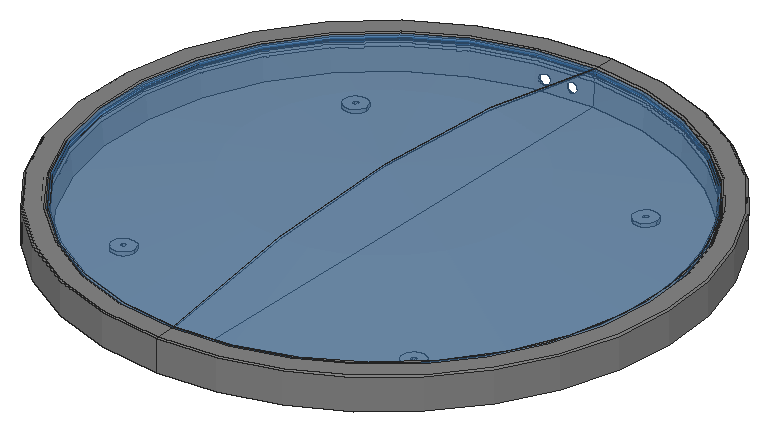
Revit family "BE_24125_de_DE", category Leuchten, Revit 2020
Family settings
  Basisbauteil = Fläche
  Bemaßung runder Anschluss = Durchmesser verwenden
  Teiletyp = Normal
  Beim Laden mit Abzugskörper schneiden = Ja
  Lichtquelle = Ja
  Gemeinsam genutzt = Nein
  Raumberechnungspunkt = Ja
Parameters (values of type "BEGA_24125_Grafit_K3")
  built-in parameter 1150104 = 15.134 (stored number, unit not read)
  Wattage = 192.8 W
  Default Elevation = 0 mm
  built-in parameter 1150113 = 1 (stored number, unit not read)
  built-in parameter 1114218 = 1 (stored number, unit not read)
  Umgebungstemperatur = "25 °C"
  URL = "https://www.bega.com/de/produkt/24125"
  Typenkommentare = "© 2022 BEGA. Wir behalten uns das Recht vor, technische Änderungen ohne vorherige Ankündigung vorzunehmen."  # constant formula
  Type Image = 24125.png
  built-in parameter 1150134 = (empty or 0)
  built-in parameter 1150109 = 1 (stored number, unit not read)
  Strom = ""
  built-in parameter 1150110 = 1 (stored number, unit not read)
  Spannung = 239.996 V
  Sonderanfertigung = no
  Seriennummer [instance] = "Hier können Sie die eindeutige Seriennummer für das Facility Management eintragen."
  Schutzklasse = "I"
  Schutzart = "IP 65"
  Scheinlast = 0 VA
  Produktdatenblatt = "https://cdn.bega.com/bega/products/24125WK3/current/documents/data-sheets/de"
  Neigungswinkel = 0.00°
  Modell = "24125K3"
  Material_17 = BEGA_Reflektor
  Material_15 = BEGA_Leuchtmedium_matt
  Material_13 = BEGA_Kunststoff_matt
  Material_11 = BEGA_Glas_opal
  Material_09 = BEGA_Glas_klar
  Material_06 = BEGA_Oberfläche_Edelstahl_gebürstet
  Material_03 = BEGA_Oberfläche_Weiss_matt
  Material_02 = BEGA_Oberfläche_Silber_matt
  Material_01 [instance] = BEGA_Oberfläche_Grafit_matt
  M_W = no
  M_G = yes
  M_A = no
  Logo = 0
  built-in parameter 1114217 = 1 (stored number, unit not read)
  built-in parameter 1150139 = (empty or 0)
  built-in parameter 1150105 = 2499.3 (stored number, unit not read)
  built-in parameter 1150114 = 1 (stored number, unit not read)
  Lumens = 31407.1 lm
  built-in parameter 1150115 = 1 (stored number, unit not read)
  Leuchtenlichtstrom = "26223 lm"
  Leuchtenanzahl = ""
  Lebensdauerkriterien = "L70B50 @ 25 °C = 165000 h"
  Lastklassifizierung = Beleuchtung
  built-in parameter 1150112 = 1 (stored number, unit not read)
  Lampenlichtstrom = "31400 lm"
  Lampe = "LED 192.8 W"
  LED_Modulbezeichnung = "2x LED-0990/830 + 2x LED-0991/830 +         2x LED-0992/830 + 2x LED-1027/830"
  Hersteller = "BEGA"  # constant formula
  Halbstreuwinkel = ""
  Frequenz = "0/50-60 Hz"
  Farbwiedergabeindex = "CRI > 80"
  Farbtemperaturverschiebung bei Dämpfen der Lampe = <Keine Auswahl>
  Farbtemperatur = "3000 K"
  Color Filter = 16777215
  built-in parameter 1150133 = 10 (stored number, unit not read)
  Energieeffizienzklasse = "LED A++ - A"
  built-in parameter 1150137 = (empty or 0)
  built-in parameter 1150132 = (empty or 0)
  Dimmbar [instance] = "DALI"
  Datei für fotometrisches Netz = "BE_24125K3.IES"
  CE_Konformität = "ja"
  Bestellnummer = "24125K3"
  Beschreibung_Sonderanfertigung = "Hier können Sie Informationen zur Sonderanfertigung eintragen."
  Beschreibung = "Decken- und Wandleuchte"
  built-in parameter 1150106 = 24.993 (stored number, unit not read)
  Befestigungsbohrung = "Ø 9,2 mm"
  Befestigungsabstand = "636 x 636 mm"
  BEGA_Intern_aus = yes
  BEGA_Intern_an = yes
  BEGA_Intern_Konstruktion = yes
  BEGA_Intern = yes
  BEGA_IES = yes
  BEGA_Dummy = no
  Anschlussleistung [instance] = "216 W"
  Anschlusskasten = ""
  built-in parameter 1150107 = 3000 (stored number, unit not read)
  built-in parameter 1150102 = (empty or 0)
  built-in parameter 1150138 = (empty or 0)
  Aktualisierung = "2022-05-18T04:00:07"
  AC/DC = "AC/DC"
Types (6, lengths in mm): name | built-in parameter 1150104 | built-in parameter 1150134 | Modell | M_W | M_G | M_A | built-in parameter 1150105 | Lumens | Leuchtenlichtstrom | Lampenlichtstrom | LED_Modulbezeichnung | Farbtemperatur | Datei für fotometrisches Netz | Bestellnummer | built-in parameter 1150106 | built-in parameter 1150107
  BEGA_24125_Silber_K3 | 15.134 (stored number, unit not read) | (empty or 0) | "24125AK3" | no | no | yes | 2499.3 (stored number, unit not read) | 31407.1 lm | "26223 lm" | "31400 lm" | "2x LED-0990/830 + 2x LED-0991/830 +         2x LED-0992/830 + 2x LED-1027/830" | "3000 K" | "BE_24125K3.IES" | "24125AK3" | 24.993 (stored number, unit not read) | 3000 (stored number, unit not read)
  BEGA_24125_Silber_K4 | 15.914 (stored number, unit not read) | 12 | "24125AK4" | no | no | yes | 2628.2 (stored number, unit not read) | 33026.6 lm | "27575 lm" | "33020 lm" | "2x LED-0990/840 + 2x LED-0991/840 +          2x LED-0992/840 + 2x LED-1027/840" | "4000 K" | "BE_24125K4.IES" | "24125AK4" | 26.282 (stored number, unit not read) | 4000 (stored number, unit not read)
  BEGA_24125_Weiß_K3 | 15.134 (stored number, unit not read) | (empty or 0) | "24125WK3" | yes | no | no | 2499.3 (stored number, unit not read) | 31407.1 lm | "26223 lm" | "31400 lm" | "2x LED-0990/830 + 2x LED-0991/830 +         2x LED-0992/830 + 2x LED-1027/830" | "3000 K" | "BE_24125K3.IES" | "24125WK3" | 24.993 (stored number, unit not read) | 3000 (stored number, unit not read)
  BEGA_24125_Weiß_K4 | 15.914 (stored number, unit not read) | 12 | "24125WK4" | yes | no | no | 2628.2 (stored number, unit not read) | 33026.6 lm | "27575 lm" | "33020 lm" | "2x LED-0990/840 + 2x LED-0991/840 +          2x LED-0992/840 + 2x LED-1027/840" | "4000 K" | "BE_24125K4.IES" | "24125WK4" | 26.282 (stored number, unit not read) | 4000 (stored number, unit not read)
  BEGA_24125_Grafit_K3 | 15.134 (stored number, unit not read) | (empty or 0) | "24125K3" | no | yes | no | 2499.3 (stored number, unit not read) | 31407.1 lm | "26223 lm" | "31400 lm" | "2x LED-0990/830 + 2x LED-0991/830 +         2x LED-0992/830 + 2x LED-1027/830" | "3000 K" | "BE_24125K3.IES" | "24125K3" | 24.993 (stored number, unit not read) | 3000 (stored number, unit not read)
  BEGA_24125_Grafit_K4 | 15.914 (stored number, unit not read) | 12 | "24125K4" | no | yes | no | 2628.2 (stored number, unit not read) | 33026.6 lm | "27575 lm" | "33020 lm" | "2x LED-0990/840 + 2x LED-0991/840 +          2x LED-0992/840 + 2x LED-1027/840" | "4000 K" | "BE_24125K4.IES" | "24125K4" | 26.282 (stored number, unit not read) | 4000 (stored number, unit not read)
Reference planes
  plane 1 "Mitte (Vorne/Hinten)": y = 0
  plane 2: z = 0
  plane 3 "Mitte (Links/Rechts)": x = 0
  plane 4 "Links": x = -312.5
  plane 5 "Rechts": x = 312.5
  plane 6 "Unten": y = -312.5
  plane 7 "Oben": y = 312.5
  plane 8 "Vorne": z = 71.135
  plane 9 "Hinten": z = 0
Forms (mm)
  Extrusion 1, solid, material "BEGA_Platte_Weiss"
    sketch origin (0, -1119.2, 0) x (1, 0, 0) y (0, 1, 0)
      loop
        line (-200, 1319.2) -> (-200, 919.2) -> (200, 919.2) -> (200, 1319.2) -> (-200, 1319.2)
    from 0 to -10
  Extrusion 2, solid, material "BEGA_Dummy_matt", visible <- "BEGA_Dummy"
    sketch origin (77.149, -76.023, 0) x (1, 0, 0) y (0, 1, 0)
      loop
        circle (-77.149, 76.023) r 312.5
    from 0 to 71.135
Dimensions and locks
  plane 1 "Mitte (Vorne/Hinten)" to Extrusion 1 = 200 mm
  aligned and locked: plane 2 to Extrusion 1
  aligned and locked: level to Extrusion 1
  aligned and locked: nested 1 to imposter light
  aligned and locked: Extrusion 2 to nested 1
Nested families
  nested 1: "BE_24125" at (0, 0, 0), type "BE_24125"
Connectors
  electrical at (0, 0, 0), driven by "Lastklassifizierung", driven by "Spannung", driven by "Scheinlast"
    settings: index 1, voltage 239.996 V, apparent load 0 VA, apparent load phase1 0 VA, apparent load phase2 0 VA, apparent load phase3 0 VA, power factor 1, load classification "Beleuchtung", number of poles 1, system type 31, power factor state 1, is connector primary yes, connector utility no, sub classification motor no, connector description ""
Definition of nested family "BE_24125"
  Parameters (values of type "BE_24125")
    Default Elevation = 1 mm
    URL = "http://www.bega.de/de/produkt"
    Type Comments = "© 2015 BEGA. Wir behalten uns das Recht vor, technische Änderungen ohne vorherige Ankündigung vorzunehmen. "  # constant formula
    Type Image = (empty or 0)
    Neigungswinkel_um_Z2 = 0.00°
    Neigungswinkel_um_Z1 = 0.00°
    Neigungswinkel_um_Y2 = 0.00°
    Neigungswinkel_um_Y1 = 0.00°
    Neigungswinkel_um_X2 = 0.00°
    Neigungswinkel_um_X1 = 0.00°
    Material_17 = none
    Material_15 = none
    Material_13 = none
    Material_11 = none
    Material_09 = none
    Material_06 = none
    Material_03 = none
    Material_02 = none
    Material_01 = none
    M_W = yes
    M_G = yes
    M_A = yes
    Länge_Platte = 200 mm  # constant formula
    Höhe_Platte = -10 mm  # constant formula
    Manufacturer = "BEGA"  # constant formula
    Drehwinkel_um_Z2 = 0.00°
    Drehwinkel_um_Z1 = 0.00°
    Breite_Platte = 200 mm  # constant formula
  Reference planes
    plane 1 "Mitte (Oben/Unten)": y = 0
    plane 2: z = 0
    plane 3 "Mitte (Links/Rechts)": x = 0
    plane 4 "Vorne": z = 71.135
    plane 5 "Hinten": z = -100
    plane 6: x = 312.5
    plane 7: x = -312.5
    plane 8: y = -312.5
    plane 9: y = 312.5
  Forms (mm)
    Extrusion 1, solid, detail levels medium
      sketch origin (0, 0, 0) x (1, 0, 0) y (0, 1, 0)
        loop
          line (-100, 100) -> (-100, -100) -> (100, -100) -> (100, 100) -> (-100, 100)
      from 0 to -10 <- "Höhe_Platte"
    Revolve 2, solid, material <- "Material_01", visible <- "M_G"
      sketch origin (0, 0, 0) x (0, 1, 0) y (0, 0, 1)
        loop
          line (302.5, 28.5) -> (289.331, 28.5)
          arc (289.331, 28.5) -> (287.947, 27.944) -> (287.332, 26.585) r 2
          line (287.332, 26.585) -> (285.269, 3) -> (0, 3) -> (0, 1.5) -> (284.812, 1.5)
          arc (284.812, 1.5) -> (286.16, 2.023) -> (286.803, 3.316) r 1.999
          line (286.803, 3.316) -> (288.874, 27) -> (302.5, 27) -> (302.5, 28.5)
        axis (0, 28.5) -> (0, 1.5)
      angle from 0 to 360
    Revolve 3, solid, material <- "Material_13"
      sketch origin (0, 0, 0) x (0, 1, 0) y (0, 0, 1)
        loop
          line (0, 71.134) -> (0, 69.133)
          arc (0, 69.133) -> (144.365, 61.217) -> (287, 37.567) r 1320.497
          line (287, 37.567) -> (287, 33.631)
          arc (287, 33.631) -> (287.706, 31.89) -> (289.425, 31.133) r 2.5
          line (289.425, 31.133) -> (295, 31.133) -> (295, 33.133) -> (289.5, 33.133)
          arc (289.5, 33.133) -> (289.147, 33.279) -> (289.001, 33.632) r 0.5
          line (289.001, 33.632) -> (289.001, 39.17)
          arc (289.001, 39.17) -> (145.381, 63.118) -> (0, 71.134) r 1322.503
        axis (0, 31.133) -> (0, 71.134)
      angle from 0 to 360
    Revolve 4, solid, material <- "Material_01", visible <- "M_G"
      sketch origin (0, 0, 0) x (0, 1, 0) y (0, 0, 1)
        loop
          line (-290.5, 37.5) -> (-292, 39) -> (-310.75, 39) -> (-312.5, 37.25) -> (-312.5, 4) -> (-311, 4) -> (-311, 37.5) -> (-292, 37.5) -> (-292, 34.25) -> (-290.5, 34.25) -> (-290.5, 37.5)
        axis (0, 4) -> (0, 39)
      angle from 0 to 360
    Extrusion 5, solid, material <- "Material_01", visible <- "M_G"
      sketch origin (0, 0, 0) x (1, 0, 0) y (0, 1, 0)
        loop
          circle (159.099, 159.099) r 12.036
        loop
          circle (-159.099, 159.099) r 12.036
        loop
          circle (-159.099, -159.099) r 12.036
        loop
          circle (159.099, -159.099) r 12.036
      from 0 to 6.211
    Revolve 6, solid, material <- "Material_02", visible <- "M_A"
      sketch origin (0, 0, 0) x (0, 1, 0) y (0, 0, 1)
        loop
          line (302.5, 28.5) -> (289.331, 28.5)
          arc (289.331, 28.5) -> (287.947, 27.944) -> (287.332, 26.585) r 2
          line (287.332, 26.585) -> (285.269, 3) -> (0, 3) -> (0, 1.5) -> (284.812, 1.5)
          arc (284.812, 1.5) -> (286.16, 2.023) -> (286.803, 3.316) r 1.999
          line (286.803, 3.316) -> (288.874, 27) -> (302.5, 27) -> (302.5, 28.5)
        axis (0, 28.5) -> (0, 1.5)
      angle from 0 to 360
    Revolve 7, solid, material <- "Material_02", visible <- "M_A"
      sketch origin (0, 0, 0) x (0, 1, 0) y (0, 0, 1)
        loop
          line (-290.5, 37.5) -> (-292, 39) -> (-310.75, 39) -> (-312.5, 37.25) -> (-312.5, 4) -> (-311, 4) -> (-311, 37.5) -> (-292, 37.5) -> (-292, 34.25) -> (-290.5, 34.25) -> (-290.5, 37.5)
        axis (0, 4) -> (0, 39)
      angle from 0 to 360
    Extrusion 8, solid, material <- "Material_02", visible <- "M_A"
      sketch origin (0, 0, 0) x (1, 0, 0) y (0, 1, 0)
        loop
          circle (159.099, 159.099) r 12.036
        loop
          circle (-159.099, 159.099) r 12.036
        loop
          circle (-159.099, -159.099) r 12.036
        loop
          circle (159.099, -159.099) r 12.036
      from 0 to 6.211
    Revolve 9, solid, material <- "Material_03", visible <- "M_W"
      sketch origin (0, 0, 0) x (0, 1, 0) y (0, 0, 1)
        loop
          line (302.5, 28.5) -> (289.331, 28.5)
          arc (289.331, 28.5) -> (287.947, 27.944) -> (287.332, 26.585) r 2
          line (287.332, 26.585) -> (285.269, 3) -> (0, 3) -> (0, 1.5) -> (284.812, 1.5)
          arc (284.812, 1.5) -> (286.16, 2.023) -> (286.803, 3.316) r 1.999
          line (286.803, 3.316) -> (288.874, 27) -> (302.5, 27) -> (302.5, 28.5)
        axis (0, 28.5) -> (0, 1.5)
      angle from 0 to 360
    Revolve 10, solid, material <- "Material_03", visible <- "M_W"
      sketch origin (0, 0, 0) x (0, 1, 0) y (0, 0, 1)
        loop
          line (-290.5, 37.5) -> (-292, 39) -> (-310.75, 39) -> (-312.5, 37.25) -> (-312.5, 4) -> (-311, 4) -> (-311, 37.5) -> (-292, 37.5) -> (-292, 34.25) -> (-290.5, 34.25) -> (-290.5, 37.5)
        axis (0, 4) -> (0, 39)
      angle from 0 to 360
    Extrusion 11, solid, material <- "Material_03", visible <- "M_W"
      sketch origin (0, 0, 0) x (1, 0, 0) y (0, 1, 0)
        loop
          circle (159.099, 159.099) r 12.036
        loop
          circle (-159.099, 159.099) r 12.036
        loop
          circle (-159.099, -159.099) r 12.036
        loop
          circle (159.099, -159.099) r 12.036
      from 0 to 6.211
    Extrusion 12, void
      sketch origin (0, 0, 0) x (1, 0, 0) y (0, 1, 0)
        loop
          circle (-159.099, 159.099) r 2.3
        loop
          circle (-159.099, -159.099) r 2.3
        loop
          circle (159.099, 159.099) r 2.3
        loop
          circle (159.099, -159.099) r 2.3
      from 0 to 11.5
    Extrusion 13, void
      sketch origin (-0.007, -0.055, 0) x (-0.99174, -0.128263, 0) y (0, 0, 1)
        loop
          circle (13.261, 13.771) r 5.742
        loop
          circle (-13.911, 13.679) r 5.691
      from 271.902 to 316.432
  Cuts and joins
    Extrusion 12, Extrusion 13 cuts Revolve 2
    Extrusion 12 cuts Extrusion 5
    joined: Revolve 2, Extrusion 5
    Extrusion 12, Extrusion 13 cuts Revolve 6
    Extrusion 12 cuts Extrusion 8
    joined: Revolve 6, Extrusion 8
    Extrusion 12, Extrusion 13 cuts Revolve 9
    Extrusion 12 cuts Extrusion 11
    joined: Revolve 9, Extrusion 11
    Extrusion 12 cuts Revolve 3
  Dimensions and locks
    equal spacing: Extrusion 1 sketch curve, plane 3 "Mitte (Links/Rechts)", Extrusion 1 sketch curve
    equal spacing: Extrusion 1 sketch curve, plane 1 "Mitte (Oben/Unten)", Extrusion 1 sketch curve
    "Länge_Platte": Extrusion 1 sketch curve to Extrusion 1 sketch curve
    "Breite_Platte": Extrusion 1 sketch curve to Extrusion 1 sketch curve
    aligned and locked: plane 2 to Extrusion 1
    aligned and locked: level to Extrusion 1
  Automatic sketch dimensions
    Revolve 2 sketch curve to plane 1 "Mitte (Oben/Unten)" = 0 mm  (x2)
    level to Revolve 2 sketch curve = 1.5 mm
    Revolve 2 sketch curve to Revolve 2 sketch curve = 0.457 mm
    level to Revolve 2 sketch curve = 3.316 mm
    Revolve 2 sketch curve to Revolve 2 sketch curve = 1.534 mm
    level to Revolve 2 sketch curve = 26.585 mm
    Revolve 2 sketch curve to Revolve 2 sketch curve = 2.52 mm
    level to Revolve 2 sketch curve = 27 mm
    Revolve 2 sketch curve to Revolve 2 sketch curve = 1.542 mm
    Revolve 2 sketch curve to Revolve 2 sketch curve = 0.456 mm
    Revolve 2 sketch curve to Revolve 2 sketch curve = 13.169 mm
    Revolve 2 sketch curve to Revolve 2 sketch curve = 0.5 mm  (x2)
    Revolve 2 sketch curve to Revolve 2 sketch curve = 12.966 mm
    Revolve 2 sketch curve to Revolve 2 sketch curve = 5 mm
    Revolve 3 sketch curve to plane 1 "Mitte (Oben/Unten)" = 0 mm  (x3)
    plane 1 "Mitte (Oben/Unten)" to Revolve 3 sketch curve = 0.004 mm
    level to Revolve 3 sketch curve = 33.631 mm
    Revolve 3 sketch curve to Revolve 3 sketch curve = 2.001 mm
    Revolve 3 sketch curve to Revolve 3 sketch curve = 0.425 mm
    Revolve 3 sketch curve to Revolve 3 sketch curve = 0.499 mm
    Revolve 3 sketch curve to Revolve 3 sketch curve = 0 mm
    Revolve 3 sketch curve to Revolve 3 sketch curve = 5.5 mm
    Revolve 3 sketch curve to plane 5 "Hinten" = 1151.365 mm
    Revolve 3 sketch curve to Revolve 3 sketch curve = 0.004 mm
    Revolve 3 sketch curve to Revolve 3 sketch curve = 2 mm
    Revolve 3 sketch curve to Revolve 3 sketch curve = 3.935 mm
    Revolve 3 sketch curve to Revolve 3 sketch curve = 1.603 mm
    Revolve 3 sketch curve to Revolve 3 sketch curve = 14.138 mm
    Revolve 3 sketch curve to Revolve 3 sketch curve = 23.453 mm
    Revolve 4 sketch curve to plane 1 "Mitte (Oben/Unten)" = 0 mm
    level to Revolve 4 sketch curve = 34.25 mm
    Revolve 4 sketch curve to Revolve 4 sketch curve = 1.5 mm  (x3)
    Revolve 4 sketch curve to Revolve 4 sketch curve = 0 mm  (x2)
    Revolve 4 sketch curve to Revolve 4 sketch curve = 18.75 mm
    Revolve 4 sketch curve to Revolve 4 sketch curve = 0.25 mm  (x2)
    level to Revolve 4 sketch curve = 4 mm
    Revolve 4 sketch curve to Revolve 4 sketch curve = 3 mm
    level to Revolve 4 sketch curve = 55 mm
    Revolve 4 sketch curve to Revolve 4 sketch curve = 30 mm
    Revolve 6 sketch curve to plane 1 "Mitte (Oben/Unten)" = 0 mm  (x2)
    level to Revolve 6 sketch curve = 1.5 mm
    Revolve 6 sketch curve to Revolve 6 sketch curve = 0.457 mm
    level to Revolve 6 sketch curve = 3.316 mm
    Revolve 6 sketch curve to Revolve 6 sketch curve = 1.534 mm
    level to Revolve 6 sketch curve = 26.585 mm
    Revolve 6 sketch curve to Revolve 6 sketch curve = 2.52 mm
    level to Revolve 6 sketch curve = 27 mm
    Revolve 6 sketch curve to Revolve 6 sketch curve = 1.542 mm
    Revolve 6 sketch curve to Revolve 6 sketch curve = 0.456 mm
    Revolve 6 sketch curve to Revolve 6 sketch curve = 13.169 mm
    Revolve 6 sketch curve to Revolve 6 sketch curve = 0.5 mm  (x2)
    Revolve 6 sketch curve to Revolve 6 sketch curve = 12.966 mm
    Revolve 6 sketch curve to Revolve 6 sketch curve = 5 mm
    Revolve 7 sketch curve to plane 1 "Mitte (Oben/Unten)" = 0 mm
    level to Revolve 7 sketch curve = 34.25 mm
    Revolve 7 sketch curve to Revolve 7 sketch curve = 1.5 mm  (x3)
    Revolve 7 sketch curve to Revolve 7 sketch curve = 0 mm  (x2)
    Revolve 7 sketch curve to Revolve 7 sketch curve = 18.75 mm
    Revolve 7 sketch curve to Revolve 7 sketch curve = 0.25 mm  (x2)
    level to Revolve 7 sketch curve = 4 mm
    Revolve 7 sketch curve to Revolve 7 sketch curve = 3 mm
    level to Revolve 7 sketch curve = 55 mm
    Revolve 7 sketch curve to Revolve 7 sketch curve = 30 mm
    Revolve 9 sketch curve to plane 1 "Mitte (Oben/Unten)" = 0 mm  (x2)
    level to Revolve 9 sketch curve = 1.5 mm
    Revolve 9 sketch curve to Revolve 9 sketch curve = 0.457 mm
    level to Revolve 9 sketch curve = 3.316 mm
    Revolve 9 sketch curve to Revolve 9 sketch curve = 1.534 mm
    level to Revolve 9 sketch curve = 26.585 mm
    Revolve 9 sketch curve to Revolve 9 sketch curve = 2.52 mm
    level to Revolve 9 sketch curve = 27 mm
    Revolve 9 sketch curve to Revolve 9 sketch curve = 1.542 mm
    Revolve 9 sketch curve to Revolve 9 sketch curve = 0.456 mm
    Revolve 9 sketch curve to Revolve 9 sketch curve = 13.169 mm
    Revolve 9 sketch curve to Revolve 9 sketch curve = 0.5 mm  (x2)
    Revolve 9 sketch curve to Revolve 9 sketch curve = 12.966 mm
    Revolve 9 sketch curve to Revolve 9 sketch curve = 5 mm
    Revolve 10 sketch curve to plane 1 "Mitte (Oben/Unten)" = 0 mm
    level to Revolve 10 sketch curve = 34.25 mm
    Revolve 10 sketch curve to Revolve 10 sketch curve = 1.5 mm  (x3)
    Revolve 10 sketch curve to Revolve 10 sketch curve = 0 mm  (x2)
    Revolve 10 sketch curve to Revolve 10 sketch curve = 18.75 mm
    Revolve 10 sketch curve to Revolve 10 sketch curve = 0.25 mm  (x2)
    level to Revolve 10 sketch curve = 4 mm
    Revolve 10 sketch curve to Revolve 10 sketch curve = 3 mm
    level to Revolve 10 sketch curve = 55 mm
    Revolve 10 sketch curve to Revolve 10 sketch curve = 30 mm
    level to Extrusion 13 sketch curve = 13.679 mm
    Extrusion 13 sketch curve to Extrusion 13 sketch curve = 27.172 mm
    level to Extrusion 13 sketch curve = 13.771 mm
    Extrusion 8 sketch curve to plane 3 "Mitte (Links/Rechts)" = 159.099 mm  (x2)
    Extrusion 11 sketch curve to plane 3 "Mitte (Links/Rechts)" = 159.099 mm  (x2)
    plane 3 "Mitte (Links/Rechts)" to Extrusion 8 sketch curve = 159.099 mm  (x2)
    plane 3 "Mitte (Links/Rechts)" to Extrusion 11 sketch curve = 159.099 mm  (x2)
    Revolve 2 sketch curve to plane 1 "Mitte (Oben/Unten)" = 284.812 mm
    Revolve 3 sketch curve to plane 1 "Mitte (Oben/Unten)" = 287 mm
    Revolve 6 sketch curve to plane 1 "Mitte (Oben/Unten)" = 284.812 mm
    Extrusion 8 sketch curve to plane 1 "Mitte (Oben/Unten)" = 159.099 mm  (x2)
    Revolve 9 sketch curve to plane 1 "Mitte (Oben/Unten)" = 284.812 mm
    Extrusion 11 sketch curve to plane 1 "Mitte (Oben/Unten)" = 159.099 mm  (x2)
    plane 1 "Mitte (Oben/Unten)" to Revolve 4 sketch curve = 290.5 mm
    plane 1 "Mitte (Oben/Unten)" to Revolve 7 sketch curve = 290.5 mm
    plane 1 "Mitte (Oben/Unten)" to Extrusion 8 sketch curve = 159.099 mm  (x2)
    plane 1 "Mitte (Oben/Unten)" to Revolve 10 sketch curve = 290.5 mm
    plane 1 "Mitte (Oben/Unten)" to Extrusion 11 sketch curve = 159.099 mm  (x2)
    radius of Extrusion 8 sketch curve = 12.036 mm  (x4)
    radius of Extrusion 11 sketch curve = 12.036 mm  (x4)
    radius of Extrusion 13 sketch curve = 5.742 mm
    radius of Extrusion 13 sketch curve = 5.691 mm
